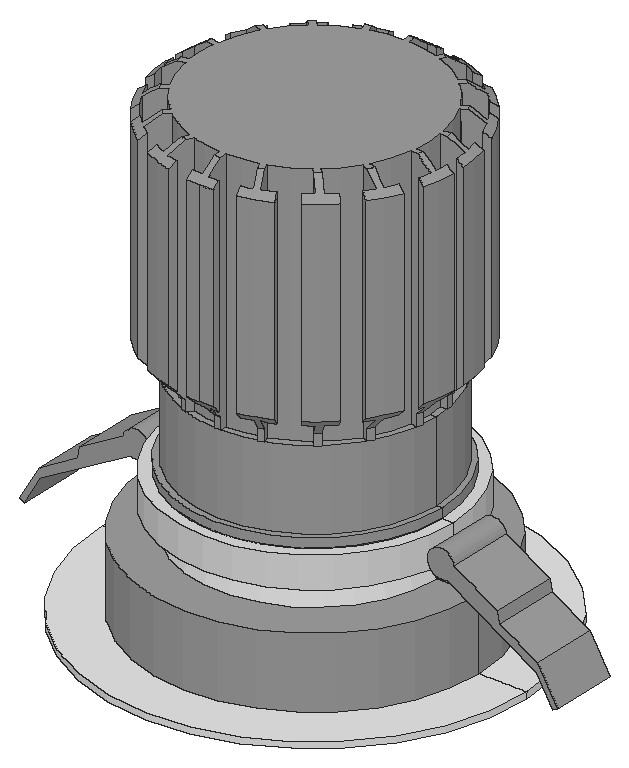
Revit family "Alcon-14143-R-TF-Revit-Family", category Lighting Fixtures, host Ceiling, Revit 2021
Family settings
  Host = Ceiling
  Round Connector Dimension = Use Diameter
  Part Type = Normal
  Always vertical = Yes
  Cut with Voids When Loaded = No
  Light Source = Yes
  Shared = No
  Room Calculation Point = No
Parameters
  Wattage = 9.2903 W
  built-in parameter 1150110 = 1 (stored number, unit not read)
  built-in parameter 1114217 = 1 (stored number, unit not read)
  Tilt Angle = 60.00°
  built-in parameter 1150109 = 1 (stored number, unit not read)
  built-in parameter 1150134 = 3
  built-in parameter 1150113 = 1 (stored number, unit not read)
  built-in parameter 1010507 = 1.5708 (stored number, unit not read)
  built-in parameter 1010506 = 0.5236 (stored number, unit not read)
  Reflector = Reflector
  Product Identity = "Alcon Light 14143-R-TF"
  Trim = Plastic
  Manufacturer = "Alcon Light"
  built-in parameter 1150105 = 4614.1 (stored number, unit not read)
  Lumens = 1380 lm
  built-in parameter 1150115 = 1 (stored number, unit not read)
  Link To Product Page = "https://www.alconlighting.com/14143-r-tf.html"
  Light Source Symbol Length = 10' - 0"
  Light Source = Light Source
  built-in parameter 1150137 = (empty or 0)
  built-in parameter 1150139 = (empty or 0)
  built-in parameter 1150112 = 1 (stored number, unit not read)
  built-in parameter 1150114 = 1 (stored number, unit not read)
  built-in parameter 1150132 = (empty or 0)
  built-in parameter 1150102 = (empty or 0)
  built-in parameter 1150107 = 3200 (stored number, unit not read)
  built-in parameter 1150138 = (empty or 0)
  built-in parameter 1150106 = 46.141 (stored number, unit not read)
  Housing = Default
  built-in parameter 1150104 = 13.8 (stored number, unit not read)
  Dimming Lamp Color Temperature Shift = (empty or 0)
  Default Elevation = 0' - 0"
  Color Filter = 16777215
  built-in parameter 1114218 = 1 (stored number, unit not read)
  built-in parameter 1150133 = 10 (stored number, unit not read)
Reference planes (in)
  plane 1 "Center (Front/Back)": y = 0
  plane 2 "Ceiling": z = 96
  plane 3 "Center (Left/Right)": x = 0
Forms (in)
  Extrusion 1, solid, material "Default" <- "Housing"
    sketch origin (0, 0, 96.86196) x (1, 0, 0) y (0, 1, 0)
      loop
        arc (-1.04892, 0.04875) -> (-1.04592, 0.09313) -> (-1.04103, 0.13734) r 1.05005
        line (-1.04103, 0.13734) -> (-0.8728, 0.11135)
        arc (-0.8728, 0.11135) -> (-0.87987, 0) -> (-0.8728, -0.11135) r 0.87987
        line (-0.8728, -0.11135) -> (-1.04103, -0.13734)
        arc (-1.04103, -0.13734) -> (-1.04592, -0.09313) -> (-1.04892, -0.04875) r 1.05005
        line (-1.04892, -0.04875) -> (-1.10562, -0.04875)
        arc (-1.10562, -0.04875) -> (-1.09372, -0.16899) -> (-1.06877, -0.28722) r 1.10669
        line (-1.06877, -0.28722) -> (-1.01407, -0.27252)
        arc (-1.01407, -0.27252) -> (-1.02498, -0.22811) -> (-1.03394, -0.18326) r 1.05005
        line (-1.03394, -0.18326) -> (-0.8657, -0.15727)
        arc (-0.8657, -0.15727) -> (-0.82819, -0.29711) -> (-0.76826, -0.4289) r 0.87987
        line (-0.76826, -0.4289) -> (-0.92621, -0.49473)
        arc (-0.92621, -0.49473) -> (-0.94882, -0.44984) -> (-0.96925, -0.40393) r 1.05005
        line (-0.96925, -0.40393) -> (-1.02153, -0.42572)
        arc (-1.02153, -0.42572) -> (-0.9676, -0.53715) -> (-0.90155, -0.64185) r 1.10669
        line (-0.90155, -0.64185) -> (-0.85541, -0.609)
        arc (-0.85541, -0.609) -> (-0.8801, -0.57275) -> (-0.90325, -0.5355) r 1.05005
        line (-0.90325, -0.5355) -> (-0.7443, -0.46926)
        arc (-0.7443, -0.46926) -> (-0.66743, -0.57333) -> (-0.57614, -0.66501) r 0.87987
        line (-0.57614, -0.66501) -> (-0.69673, -0.78561)
        arc (-0.69673, -0.78561) -> (-0.73103, -0.7538) -> (-0.76387, -0.7205) r 1.05005
        line (-0.76387, -0.7205) -> (-0.80394, -0.76056)
        arc (-0.80394, -0.76056) -> (-0.71931, -0.84105) -> (-0.62668, -0.91216) r 1.10669
        line (-0.62668, -0.91216) -> (-0.59461, -0.86548)
        arc (-0.59461, -0.86548) -> (-0.62838, -0.84128) -> (-0.66117, -0.81576) r 1.05005
        line (-0.66117, -0.81576) -> (-0.54005, -0.69464)
        arc (-0.54005, -0.69464) -> (-0.42374, -0.77112) -> (-0.29682, -0.82829) r 0.87987
        line (-0.29682, -0.82829) -> (-0.37193, -0.98198)
        arc (-0.37193, -0.98198) -> (-0.41693, -0.96373) -> (-0.46103, -0.94343) r 1.05005
        line (-0.46103, -0.94343) -> (-0.4859, -0.99432)
        arc (-0.4859, -0.99432) -> (-0.37502, -1.04122) -> (-0.25969, -1.07579) r 1.10669
        line (-0.25969, -1.07579) -> (-0.2464, -1.02073)
        arc (-0.2464, -1.02073) -> (-0.28735, -1.00997) -> (-0.32783, -0.99757) r 1.05005
        line (-0.32783, -0.99757) -> (-0.25226, -0.84294)
        arc (-0.25226, -0.84294) -> (-0.13896, -0.86883) -> (-0.02323, -0.87957) r 0.87987
        line (-0.02323, -0.87957) -> (-0.02323, -1.0498)
        arc (-0.02323, -1.0498) -> (-0.06295, -1.04816) -> (-0.10258, -1.04503) r 1.05005
        line (-0.10258, -1.04503) -> (-0.10258, -1.10193)
        arc (-0.10258, -1.10193) -> (-0.05135, -1.1055) -> (0, -1.10669) r 1.10669
        arc (0, -1.10669) -> (0.05135, -1.1055) -> (0.10258, -1.10193) r 1.10669
        line (0.10258, -1.10193) -> (0.10258, -1.04503)
        arc (0.10258, -1.04503) -> (0.06295, -1.04816) -> (0.02323, -1.0498) r 1.05005
        line (0.02323, -1.0498) -> (0.02323, -0.87957)
        arc (0.02323, -0.87957) -> (0.13896, -0.86883) -> (0.25226, -0.84294) r 0.87987
        line (0.25226, -0.84294) -> (0.32783, -0.99757)
        arc (0.32783, -0.99757) -> (0.28735, -1.00997) -> (0.2464, -1.02073) r 1.05005
        line (0.2464, -1.02073) -> (0.25969, -1.07579)
        arc (0.25969, -1.07579) -> (0.37502, -1.04122) -> (0.4859, -0.99432) r 1.10669
        line (0.4859, -0.99432) -> (0.46103, -0.94343)
        arc (0.46103, -0.94343) -> (0.41693, -0.96373) -> (0.37193, -0.98198) r 1.05005
        line (0.37193, -0.98198) -> (0.29682, -0.82829)
        arc (0.29682, -0.82829) -> (0.42374, -0.77112) -> (0.54005, -0.69464) r 0.87987
        line (0.54005, -0.69464) -> (0.66117, -0.81576)
        arc (0.66117, -0.81576) -> (0.62838, -0.84128) -> (0.59461, -0.86548) r 1.05005
        line (0.59461, -0.86548) -> (0.62668, -0.91216)
        arc (0.62668, -0.91216) -> (0.71931, -0.84105) -> (0.80394, -0.76056) r 1.10669
        line (0.80394, -0.76056) -> (0.76387, -0.7205)
        arc (0.76387, -0.7205) -> (0.73103, -0.7538) -> (0.69673, -0.78561) r 1.05005
        line (0.69673, -0.78561) -> (0.57614, -0.66501)
        arc (0.57614, -0.66501) -> (0.66743, -0.57333) -> (0.7443, -0.46926) r 0.87987
        line (0.7443, -0.46926) -> (0.90325, -0.5355)
        arc (0.90325, -0.5355) -> (0.8801, -0.57275) -> (0.85541, -0.609) r 1.05005
        line (0.85541, -0.609) -> (0.90155, -0.64185)
        arc (0.90155, -0.64185) -> (0.9676, -0.53715) -> (1.02153, -0.42572) r 1.10669
        line (1.02153, -0.42572) -> (0.96925, -0.40393)
        arc (0.96925, -0.40393) -> (0.94882, -0.44984) -> (0.92621, -0.49473) r 1.05005
        line (0.92621, -0.49473) -> (0.76826, -0.4289)
        arc (0.76826, -0.4289) -> (0.82819, -0.29711) -> (0.8657, -0.15727) r 0.87987
        line (0.8657, -0.15727) -> (1.03394, -0.18326)
        arc (1.03394, -0.18326) -> (1.02498, -0.22811) -> (1.01407, -0.27252) r 1.05005
        line (1.01407, -0.27252) -> (1.06877, -0.28722)
        arc (1.06877, -0.28722) -> (1.09372, -0.16899) -> (1.10562, -0.04875) r 1.10669
        line (1.10562, -0.04875) -> (1.04892, -0.04875)
        arc (1.04892, -0.04875) -> (1.04592, -0.09313) -> (1.04103, -0.13734) r 1.05005
        line (1.04103, -0.13734) -> (0.8728, -0.11135)
        arc (0.8728, -0.11135) -> (0.87987, 0) -> (0.8728, 0.11135) r 0.87987
        line (0.8728, 0.11135) -> (1.04103, 0.13734)
        arc (1.04103, 0.13734) -> (1.04592, 0.09313) -> (1.04892, 0.04875) r 1.05005
        line (1.04892, 0.04875) -> (1.10562, 0.04875)
        arc (1.10562, 0.04875) -> (1.09372, 0.16899) -> (1.06877, 0.28722) r 1.10669
        line (1.06877, 0.28722) -> (1.01407, 0.27252)
        arc (1.01407, 0.27252) -> (1.02498, 0.22811) -> (1.03394, 0.18326) r 1.05005
        line (1.03394, 0.18326) -> (0.8657, 0.15727)
        arc (0.8657, 0.15727) -> (0.82819, 0.29711) -> (0.76826, 0.4289) r 0.87987
        line (0.76826, 0.4289) -> (0.92621, 0.49473)
        arc (0.92621, 0.49473) -> (0.94882, 0.44984) -> (0.96925, 0.40393) r 1.05005
        line (0.96925, 0.40393) -> (1.02153, 0.42572)
        arc (1.02153, 0.42572) -> (0.9676, 0.53715) -> (0.90155, 0.64185) r 1.10669
        line (0.90155, 0.64185) -> (0.85541, 0.609)
        arc (0.85541, 0.609) -> (0.8801, 0.57275) -> (0.90325, 0.5355) r 1.05005
        line (0.90325, 0.5355) -> (0.7443, 0.46926)
        arc (0.7443, 0.46926) -> (0.66743, 0.57333) -> (0.57614, 0.66501) r 0.87987
        line (0.57614, 0.66501) -> (0.69673, 0.78561)
        arc (0.69673, 0.78561) -> (0.73103, 0.7538) -> (0.76387, 0.7205) r 1.05005
        line (0.76387, 0.7205) -> (0.80394, 0.76056)
        arc (0.80394, 0.76056) -> (0.71931, 0.84105) -> (0.62668, 0.91216) r 1.10669
        line (0.62668, 0.91216) -> (0.59461, 0.86548)
        arc (0.59461, 0.86548) -> (0.62838, 0.84128) -> (0.66117, 0.81576) r 1.05005
        line (0.66117, 0.81576) -> (0.54005, 0.69464)
        arc (0.54005, 0.69464) -> (0.42374, 0.77112) -> (0.29682, 0.82829) r 0.87987
        line (0.29682, 0.82829) -> (0.37193, 0.98198)
        arc (0.37193, 0.98198) -> (0.41693, 0.96373) -> (0.46103, 0.94343) r 1.05005
        line (0.46103, 0.94343) -> (0.4859, 0.99432)
        arc (0.4859, 0.99432) -> (0.37502, 1.04122) -> (0.25969, 1.07579) r 1.10669
        line (0.25969, 1.07579) -> (0.2464, 1.02073)
        arc (0.2464, 1.02073) -> (0.28735, 1.00997) -> (0.32783, 0.99757) r 1.05005
        line (0.32783, 0.99757) -> (0.25226, 0.84294)
        arc (0.25226, 0.84294) -> (0.13896, 0.86883) -> (0.02323, 0.87957) r 0.87987
        line (0.02323, 0.87957) -> (0.02323, 1.0498)
        arc (0.02323, 1.0498) -> (0.06295, 1.04816) -> (0.10258, 1.04503) r 1.05005
        line (0.10258, 1.04503) -> (0.10258, 1.10193)
        arc (0.10258, 1.10193) -> (0.05135, 1.1055) -> (0, 1.10669) r 1.10669
        arc (0, 1.10669) -> (-0.05135, 1.1055) -> (-0.10258, 1.10193) r 1.10669
        line (-0.10258, 1.10193) -> (-0.10258, 1.04503)
        arc (-0.10258, 1.04503) -> (-0.06295, 1.04816) -> (-0.02323, 1.0498) r 1.05005
        line (-0.02323, 1.0498) -> (-0.02323, 0.87957)
        arc (-0.02323, 0.87957) -> (-0.13896, 0.86883) -> (-0.25226, 0.84294) r 0.87987
        line (-0.25226, 0.84294) -> (-0.32783, 0.99757)
        arc (-0.32783, 0.99757) -> (-0.28735, 1.00997) -> (-0.2464, 1.02073) r 1.05005
        line (-0.2464, 1.02073) -> (-0.25969, 1.07579)
        arc (-0.25969, 1.07579) -> (-0.37502, 1.04122) -> (-0.4859, 0.99432) r 1.10669
        line (-0.4859, 0.99432) -> (-0.46103, 0.94343)
        arc (-0.46103, 0.94343) -> (-0.41693, 0.96373) -> (-0.37193, 0.98198) r 1.05005
        line (-0.37193, 0.98198) -> (-0.29682, 0.82829)
        arc (-0.29682, 0.82829) -> (-0.42374, 0.77112) -> (-0.54005, 0.69464) r 0.87987
        line (-0.54005, 0.69464) -> (-0.66117, 0.81576)
        arc (-0.66117, 0.81576) -> (-0.62838, 0.84128) -> (-0.59461, 0.86548) r 1.05005
        line (-0.59461, 0.86548) -> (-0.62668, 0.91216)
        arc (-0.62668, 0.91216) -> (-0.71931, 0.84105) -> (-0.80394, 0.76056) r 1.10669
        line (-0.80394, 0.76056) -> (-0.76387, 0.7205)
        arc (-0.76387, 0.7205) -> (-0.73103, 0.7538) -> (-0.69673, 0.78561) r 1.05005
        line (-0.69673, 0.78561) -> (-0.57614, 0.66501)
        arc (-0.57614, 0.66501) -> (-0.66743, 0.57333) -> (-0.7443, 0.46926) r 0.87987
        line (-0.7443, 0.46926) -> (-0.90325, 0.5355)
        arc (-0.90325, 0.5355) -> (-0.8801, 0.57275) -> (-0.85541, 0.609) r 1.05005
        line (-0.85541, 0.609) -> (-0.90155, 0.64185)
        arc (-0.90155, 0.64185) -> (-0.9676, 0.53715) -> (-1.02153, 0.42572) r 1.10669
        line (-1.02153, 0.42572) -> (-0.96925, 0.40393)
        arc (-0.96925, 0.40393) -> (-0.94882, 0.44984) -> (-0.92621, 0.49473) r 1.05005
        line (-0.92621, 0.49473) -> (-0.76826, 0.4289)
        arc (-0.76826, 0.4289) -> (-0.82819, 0.29711) -> (-0.8657, 0.15727) r 0.87987
        line (-0.8657, 0.15727) -> (-1.03394, 0.18326)
        arc (-1.03394, 0.18326) -> (-1.02498, 0.22811) -> (-1.01407, 0.27252) r 1.05005
        line (-1.01407, 0.27252) -> (-1.06877, 0.28722)
        arc (-1.06877, 0.28722) -> (-1.09372, 0.16899) -> (-1.10562, 0.04875) r 1.10669
        line (-1.10562, 0.04875) -> (-1.04892, 0.04875)
    from 0.78691 to 2.6625
  Revolve 2, solid, material "Reflector" <- "Reflector"
    sketch origin (0, 0, 0) x (1, 0, 0) y (0, 0, 1)
      loop
        line (0.93925, 96.54147) -> (0.86978, 96.73233) -> (1.06604, 96.73233) -> (1.06604, 96.97025) -> (0.71192, 96.97025) -> (0.86798, 96.54147) -> (0.93925, 96.54147)
      axis (0, 96.97025) -> (0, 96.54147)
    angle from 0 to 360
  Revolve 3, solid, material "Default" <- "Housing"
    sketch origin (0, 0, -0.13804) x (1, 0, 0) y (0, 0, 1)
      loop
        line (0, 97.78691) -> (0, 97.10829) -> (0.71173, 97.10829) -> (0.72839, 97.0625) -> (0.9333, 97.0625) -> (0.97909, 97.10829) -> (0.97909, 97.17862) -> (0.9333, 97.17862) -> (0.9333, 97.78691) -> (0, 97.78691)
      axis (0, 97.78691) -> (0, 97.0625)
    angle from 0 to 360
  Revolve 4, void
    sketch origin (0, 0, -0.13804) x (1, 0, 0) y (0, 0, 1)
      loop
        line (0.9333, 97.8752) -> (0.9333, 97.64063) -> (1.35223, 97.64063) -> (1.35223, 99.67255) -> (0.92025, 99.67255) -> (1.20579, 99.47262) -> (1.20579, 98.14769) -> (0.9333, 97.8752)
      axis (0, 99.67255) -> (0, 97.64063)
    angle from 0 to 360
  Extrusion 5, void
    sketch origin (0, 0, 96) x (1, 0, 0) y (0, 1, 0)
      loop
        circle (0, 0) r 1.625
    from -0.41697 to 0.54147
  Extrusion 6, solid, material "Default" <- "Housing"
    sketch origin (0, 0, 0) x (1, 0, 0) y (0, 0, 1)
      loop
        arc (1.26989, 96.85541) -> (1.07526, 96.87909) -> (1.21417, 96.74071) r 0.10367
        line (1.21417, 96.74071) -> (1.90461, 96.34209) -> (2.02737, 96.12947) -> (2.06318, 96.15014) -> (1.91109, 96.41357) -> (1.62026, 96.58148) -> (1.60619, 96.66125) -> (1.26989, 96.85541)
      loop
        line (-1.26989, 96.85541) -> (-1.60619, 96.66125) -> (-1.62026, 96.58148) -> (-1.91109, 96.41357) -> (-2.06318, 96.15014) -> (-2.02737, 96.12947) -> (-1.90461, 96.34209) -> (-1.21417, 96.74071)
        arc (-1.21417, 96.74071) -> (-1.07526, 96.87909) -> (-1.26989, 96.85541) r 0.10367
    from -0.25 to 0.25
  Revolve 7, solid, material "Default" <- "Housing"
    sketch origin (0, 0, 0) x (1, 0, 0) y (0, 0, 1)
      loop
        line (1.26005, 96) -> (1.26005, 96.54147) -> (0.86798, 96.54147) -> (0.88089, 96.50601) -> (1.17429, 95.95347) -> (1.20949, 95.95347) -> (1.18478, 96) -> (1.26005, 96)
      axis (0, 96.54147) -> (0, 95.95347)
    angle from 0 to 360
  Revolve 8, solid, material "Plastic" <- "Trim"
    sketch origin (0, 0, 0) x (1, 0, 0) y (0, 0, 1)
      loop
        line (1.625, 95.95347) -> (1.625, 96) -> (1.18478, 96) -> (1.20949, 95.95347) -> (1.625, 95.95347)
      axis (0, 96) -> (0, 95.95347)
    angle from 0 to 360
Cuts and joins
  Revolve 4 cuts Extrusion 1
Dimensions and locks (in)
  equal spacing: host sketch curve, plane 3 "Center (Left/Right)", host sketch curve
  equal spacing: host sketch curve, plane 1 "Center (Front/Back)", host sketch curve
  host sketch curve to host sketch curve = 10' - 0"  (x2)
